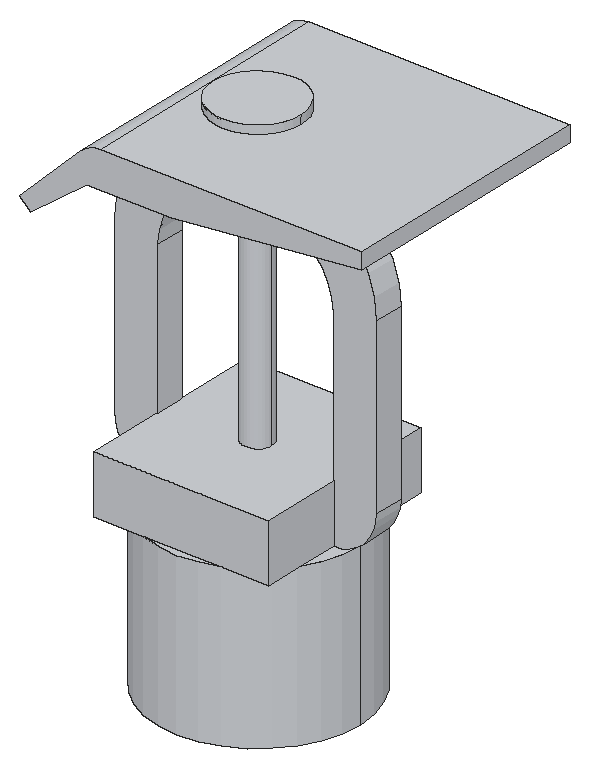
Revit family
Parameters (values of type "RASCO F1FR56 VSW")
  URL = ""
  Temperature Rating = 155 °F
  Response = 1
  RASCO SIN # = "RA1485"
  RASCO Part # = "F1FR56V1B"
  Pressure Rating = "175 PSI"
  Pressure Class = (empty or 0)
  Orifice Size = 1/2"
  Orifice = (empty or 0)
  Model = "F1FR56"
  Manufacturer = "RASCO"
  K-Factor = 5.6
  Description = "Brz. Finish"
  Coverage = (empty or 0)
Reference planes (in)
  plane 1 "Center (Front/Back)": y = 0
  plane 2: z = 0
  plane 3 "Center (Left/Right)": x = 0
Nested families (in)
  nested 1: "F1FR56V1B" at (0, 0, 0), type "RASCO F1FR56 VSW"
Connectors (in)
  piping at (0, 0, 0)
    settings: on nested 1, index 1, connector radius 115/256", flow factor 0, pipe flow 0 GPM, pressure drop 0.00 psi, fitting loss kfactor 0, connector angle 0.00°, fixture units 0, flow configuration 0, flow direction 0, fitting loss method 0, system type 7, connector reference index -1, connector utility 0, adjustable connector no, is connector primary yes, fitting loss table "", connector description ""
Definition of nested family "F1FR56V1B"
  Parameters (values of type "RASCO F1FR56 VSW")
    Type Comments = ""
    Temperature Rating = 0 °F
    Response = (empty or 0)
    Pressure Rating = "0"
    Pressure Class = (empty or 0)
    Orifice Size = 0"
    Orifice = (empty or 0)
    Model = ""
    Manufacturer = ""
    K-Factor = 0
    Description = ""
    Coverage = (empty or 0)
    Assembly Code = ""
  Reference planes (in)
    plane 1 "Center (Front/Back)": y = 0
    plane 2: z = 0
    plane 3 "ref.2": z = 0.6875
    plane 4 "ref.3": z = 0.9375
    plane 5: x = -0.38065
    plane 6: x = 0.36935
    plane 7 "ref. side 1": y = 0.06402
    plane 8 "ref. side 2": y = -0.06098
    plane 9 "ref.4": z = 1.875
    plane 10 "ref.5": z = 2.24902
    plane 11 "ref.6": z = 2.4375
    plane 12 "void": z = 2.0625
  Forms (in)
    Extrusion 1, solid
      sketch origin (0, 0, 0) x (1, 0, 0) y (0, 1, 0)
        loop
          circle (0, 0) r 0.4375
      from 0 to 0.6875
    Extrusion 2, solid
      sketch origin (-0.12185, 0.05177, 0.6875) x (1, 0, 0) y (0, 1, 0)
        loop
          line (-0.2588, 0.356) -> (-0.2588, -0.4565) -> (0.4912, -0.4565) -> (0.4912, 0.356) -> (-0.2588, 0.356)
      from 0 to 0.25
    Extrusion 3, solid
      sketch origin (0, 0, 0) x (1, 0, 0) y (0, 0, 1)
        loop
          line (-0.38065, 0.68754) -> (-0.38065, 1.58397)
          arc (-0.38065, 1.58397) -> (-0.29541, 1.78976) -> (-0.08962, 1.875) r 0.29103
          line (-0.08962, 1.875) -> (0.07524, 1.875)
          arc (0.07524, 1.875) -> (0.28321, 1.78886) -> (0.36935, 1.58089) r 0.29411
          line (0.36935, 1.58089) -> (0.36935, 0.68751)
          arc (0.36935, 0.68751) -> (0.50207, 0.74393) -> (0.55685, 0.87734) r 0.18984
          line (0.55685, 0.87734) -> (0.55685, 1.61676)
          arc (0.55685, 1.61676) -> (0.42629, 1.93194) -> (0.11111, 2.0625) r 0.44574
          line (0.11111, 2.0625) -> (-0.12259, 2.0625)
          arc (-0.12259, 2.0625) -> (-0.43765, 1.932) -> (-0.56815, 1.61694) r 0.44556
          line (-0.56815, 1.61694) -> (-0.56815, 0.87876)
          arc (-0.56815, 0.87876) -> (-0.51345, 0.74486) -> (-0.38065, 0.68754) r 0.19126
      from -0.06402 to 0.06098
    Extrusion 4, solid
      sketch origin (0, 0, 0.9375) x (-1, 0, 0) y (0, -1, 0)
        loop
          circle (0.00574, -0.00152) r 0.0625
      from 0 to 0.9375
    Extrusion 5, solid
      sketch origin (0, 0, 1.875) x (-1, 0, 0) y (0, -1, 0)
        loop
          circle (0.00574, -0.00152) r 0.1875
      from 0 to 0.37402
    Extrusion 6, solid
      sketch origin (-0.03679, 0, -0.06016) x (1, 0, 0) y (0, 0, 1)
        loop
          arc (-0.19445, 2.27627) -> (-0.23939, 2.26733) -> (-0.27749, 2.24188) r 0.11743
          line (-0.27749, 2.24188) -> (-0.54045, 1.97891) -> (-0.49488, 1.93334) -> (-0.25503, 2.12072) -> (0.10902, 2.12072) -> (0.92351, 2.20633) -> (0.92351, 2.27627) -> (-0.19445, 2.27627)
      from -0.5584 to 0.5566
  Cuts and joins
    joined: Extrusion 1, Extrusion 2, Extrusion 4
  Lines and regions (in)
    model lines
      curve 1: line (-0.00574, 0.06402, 1.875) -> (-0.00574, -0.06098, 1.875)
